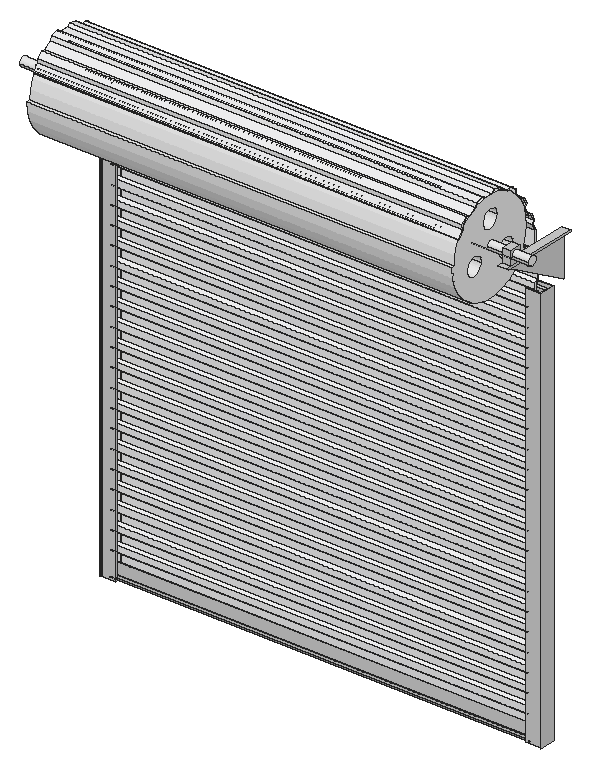
Revit family "Doors_Industrial_Wayne-Dalton_Commercial-Wind-Load-Roll-Up-Door-Model-DS-350_", category Specialty Equipment, host Wall, Revit 2019 (continued)
Definition of nested family "Operator"
  Forms (in)
    Extrusion 7, solid, material <- "Main Color", visible <- "Electrical Operator"
      sketch origin (16.76, 11.5, -15.96) x (1, 0, 0) y (0, 1, 0)
        loop
          line (2.988, -7.1354) -> (2.988, 0) -> (-2.988, 0) -> (-2.988, -7.1354)
          arc (-2.988, -7.1354) -> (-3.02315, -7.22025) -> (-3.108, -7.2554) r 0.12
          line (-3.108, -7.2554) -> (-4.134, -7.2554) -> (-4.134, -7.375)
      from -8.32 to 8.32
    Revolve 8, solid, material <- "Main Color", visible <- "Electrical Operator"
      sketch origin (16.751, 11.5, -26.53) x (1, 0, 0) y (0, 1, 0)
        loop
          line (-6.98665, -5.07517) -> (5.21085, -5.07517) -> (5.21085, -4.23407) -> (4.81085, -4.23407) -> (4.81085, -3.80276) -> (4.58185, -3.80276) -> (4.58185, -1.85) -> (-4.56385, -1.85) -> (-4.56385, -3.20856) -> (-5.4164, -3.20856) -> (-5.51555, -3.30771) -> (-5.51555, -4.77026) -> (-5.73665, -4.77026) -> (-5.73665, -4.10776) -> (-6.98665, -4.10776) -> (-6.98665, -5.07517)
        axis (-6.98665, -5.07517) -> (5.21085, -5.07517)
      angle from 0 to 360
  Lines and regions (in)
    Masking region 1, visible <- "Chain Hoist"
      outline origin (0, 0, 0) x (1, 0, 0) y (0, 1, 0)
        loop
          line (4.25, 4.325) -> (4.25, -4.325) -> (5.75, -4.325) -> (5.75, 4.325) -> (4.25, 4.325)
    Masking region 2, visible <- "Electrical Operator"
      outline origin (16.76, 11.5, -15.96) x (1, 0, 0) y (0, 1, 0)
        loop
          line (-6.99565, -6.04259) -> (-5.74565, -6.04259) -> (-5.74565, -5.38009) -> (-5.52455, -5.38009) -> (-5.52455, -6.84264) -> (-5.4254, -6.94178) -> (-4.57285, -6.94178) -> (-4.57285, -8.30035) -> (-4.134, -8.30035) -> (-4.134, -10.01758) -> (-4.3324, -10.01758) -> (-4.3324, -10.27413)
          arc (-4.3324, -10.27413) -> (-4.24466, -10.51278) -> (-4.02324, -10.63778) r 0.36846
          arc (-4.02324, -10.63778) -> (0, -10.96363) -> (4.02324, -10.63778) r 25
          arc (4.02324, -10.63778) -> (4.24466, -10.51278) -> (4.3324, -10.27413) r 0.36846
          line (4.3324, -10.27413) -> (4.3324, -10.01758) -> (4.116, -10.01758) -> (4.116, -8.30035) -> (4.57285, -8.30035) -> (4.57285, -6.34759) -> (4.80185, -6.34759) -> (4.80185, -5.91628) -> (5.20185, -5.91628) -> (5.20185, -4.23407) -> (4.80185, -4.23407) -> (4.80185, -3.80276) -> (4.57285, -3.80276) -> (4.57285, -1.85) -> (3.108, -1.85) -> (3.108, -0.12) -> (4.988, -0.12) -> (4.988, 0) -> (-4.988, 0) -> (-4.988, -0.12) -> (-3.108, -0.12) -> (-3.108, -1.85) -> (-4.57285, -1.85) -> (-4.57285, -3.20856) -> (-5.4254, -3.20856) -> (-5.52455, -3.30771) -> (-5.52455, -4.77026) -> (-5.74565, -4.77026) -> (-5.74565, -4.10776) -> (-6.99565, -4.10776) -> (-6.99565, -6.04259)
    reference lines
      curve 1: line (16.76, 11.5, 0) -> (16.76, 11.5, 10)
      curve 2: line (16.76, 11.5, -15.96) -> (29.76, 11.5, -15.96)
      curve 3: line (16.751, 11.5, -26.53) -> (27.001, 11.5, -26.53)
    symbolic lines, visible <- "Electrical Operator"
      curve 4: line (11.3346, 8.29144, -15.96) -> (11.3346, 4.55822, -15.96)
      curve 5: line (11.23545, 6.72974, -15.96) -> (11.23545, 6.11991, -15.96)
      curve 6: line (11.01435, 7.39224, -15.96) -> (11.01435, 5.45741, -15.96)
      curve 7: line (11.76, 7, -15.96) -> (11.76, 6, -15.96)
      curve 8: line (11.76, 6, -15.96) -> (13.772, 6, -15.96)
      curve 9: line (13.772, 7, -15.96) -> (11.76, 7, -15.96)
      curve 10: line (13.652, 11.38, -15.96) -> (13.652, 7.88, -15.96)
      curve 11: line (13.652, 7.88, -15.96) -> (13.772, 7.88, -15.96)
      curve 12: line (13.772, 4.3646, -15.96) -> (13.772, 11.5, -15.96)
      curve 13: line (19.748, 11.5, -15.96) -> (19.748, 4.3646, -15.96)
      curve 14: line (19.748, 7.88, -15.96) -> (19.868, 7.88, -15.96)
      curve 15: line (19.868, 7.88, -15.96) -> (19.868, 11.38, -15.96)
      curve 16: line (21.76, 7, -15.96) -> (19.748, 7, -15.96)
      curve 17: line (21.76, 7, -15.96) -> (21.76, 6, -15.96)
      curve 18: line (21.76, 6, -15.96) -> (19.748, 6, -15.96)
      curve 19: line (21.56185, 7.69724, -15.96) -> (21.56185, 7, -15.96)
      curve 20: line (20.876, 4.125, -15.96) -> (12.626, 4.125, -15.96)
      curve 21: line (12.18715, 8.29144, -15.96) -> (12.18715, 7, -15.96)
      curve 22: line (12.18715, 3.19965, -15.96) -> (12.18715, 6, -15.96)
      curve 23: line (12.626, 4.2446, -15.96) -> (12.626, 1.48242, -15.96)
      curve 24: line (20.876, 4.2446, -15.96) -> (20.876, 1.48242, -15.96)
      curve 25: arc (13.772, 4.3646, -15.96) -> (13.73685, 4.27975, -15.96) -> (13.652, 4.2446, -15.96) r 0.12
      curve 26: arc (19.868, 4.2446, -15.96) -> (19.78315, 4.27975, -15.96) -> (19.748, 4.3646, -15.96) r 0.12
      curve 27: line (20.876, 4.2446, -15.96) -> (19.868, 4.2446, -15.96)
      curve 28: line (12.626, 4.2446, -15.96) -> (13.652, 4.2446, -15.96)
      curve 29: line (21.33285, 7.69724, -15.96) -> (21.33285, 7, -15.96)
      curve 30: line (21.33285, 6, -15.96) -> (21.33285, 5.15241, -15.96)
      curve 31: line (21.56185, 6, -15.96) -> (21.56185, 5.15241, -15.96)
  Dimensions and locks (in)
    Extrusion 1 sketch curve to Extrusion 1 sketch curve = 8.65"
    plane 3 "Center (Left/Right)" to plane 4 = 3 1/4"
    "Floor To CL": level to plane 6
    locked: plane 7 to plane 6 at 30
    "Chain Offset": level to Sweep 2 sketch curve  (x2)
    "Shaft to Wall Offset": plane 1 "Center (Front/Back)" to plane 8
    locked: curve 1 to curve 1 at 10
    locked: curve 2 to curve 2 at 13
    "Motor V": level to curve 2
    "C H Offset": plane 1 "Center (Front/Back)" to Extrusion 6 sketch curve
    "C V Offset": level to Extrusion 6 sketch curve
    "Motor H": curve 1 to plane 3 "Center (Left/Right)"
    aligned and locked: plane 2 to level
    aligned and locked: Extrusion 1 to plane 5 "1"
    aligned and locked: plane 7 to Sweep 2 sketch curve  (x2)
    aligned and locked: Masking region 1 sketch curve to Extrusion 1  (x4)
    aligned and locked: level to curve 1
    aligned and locked: Extrusion 6 to plane 3 "Center (Left/Right)"
    aligned and locked: Extrusion 3 sketch curve to Extrusion 3 sketch curve  (x3)
    aligned and locked: Extrusion 7 sketch curve to Extrusion 7 sketch curve
    aligned and locked: Extrusion 4 sketch curve to Extrusion 4 sketch curve
  Automatic sketch dimensions
    plane 1 "Center (Front/Back)" to Extrusion 1 sketch curve = 4.325"
    plane 1 "Center (Front/Back)" to Extrusion 1 sketch curve = 1 1/2"
    Extrusion 1 sketch curve to plane 1 "Center (Front/Back)" = 1 1/2"
    Extrusion 1 sketch curve to level = 10.72"
    Extrusion 1 sketch curve to Extrusion 1 sketch curve = 1.50208"  (x2)
    level to Extrusion 1 sketch curve = 1.68"
    curve 1 to Extrusion 5 sketch curve = 5"
    Extrusion 5 sketch curve to curve 1 = 15.96"
    curve 2 to Extrusion 3 sketch curve = 0.12"
    Extrusion 3 sketch curve to curve 2 = 17.988"
    Extrusion 3 sketch curve to curve 2 = 16.108"
    Extrusion 3 sketch curve to Extrusion 3 sketch curve = 0.12"  (x2)
    Extrusion 3 sketch curve to Extrusion 3 sketch curve = 5.976"
    Extrusion 3 sketch curve to Extrusion 3 sketch curve = 1.88"
    Extrusion 3 sketch curve to curve 2 = 3.62"
    curve 2 to Extrusion 3 sketch curve = 0"
    Extrusion 7 sketch curve to curve 2 = 17.134"
    curve 2 to Extrusion 7 sketch curve = 7 3/8"
    Extrusion 7 sketch curve to Extrusion 7 sketch curve = 1.026"
    curve 2 to Extrusion 7 sketch curve = 0"
    Extrusion 7 sketch curve to Extrusion 7 sketch curve = 0.12"  (x2)
    Extrusion 7 sketch curve to Extrusion 7 sketch curve = 5.976"
    Extrusion 7 sketch curve to Extrusion 7 sketch curve = 1.008"
    Extrusion 7 sketch curve to Extrusion 7 sketch curve = 0.1196"
    Extrusion 4 sketch curve to curve 2 = 17.3324"
    Extrusion 4 sketch curve to Extrusion 4 sketch curve = 0.1984"
    Extrusion 4 sketch curve to Extrusion 4 sketch curve = 0.17006"
    Extrusion 4 sketch curve to curve 2 = 13"
    Extrusion 4 sketch curve to Extrusion 4 sketch curve = 0.15206"
    Extrusion 4 sketch curve to Extrusion 4 sketch curve = 0.2164"
    curve 2 to Extrusion 4 sketch curve = 10.27413"
    Extrusion 4 sketch curve to Extrusion 4 sketch curve = 0"  (x2)
    Extrusion 4 sketch curve to Extrusion 4 sketch curve = 0.25654"
    Extrusion 4 sketch curve to curve 2 = 14.03637"
    Extrusion 4 sketch curve to Extrusion 4 sketch curve = 7.92789"
    Extrusion 4 sketch curve to Extrusion 4 sketch curve = 2.64258"
    curve 3 to curve 2 = 0.009"
    curve 2 to curve 3 = 10.57"
    curve 3 to curve 2 = 2.759"
    Revolve 8 sketch curve to curve 3 = 6.98665"
    Revolve 8 sketch curve to Revolve 8 sketch curve = 1 1/4"
    Revolve 8 sketch curve to Revolve 8 sketch curve = 0.2211"
    Revolve 8 sketch curve to Revolve 8 sketch curve = 0.09915"  (x2)
    Revolve 8 sketch curve to Revolve 8 sketch curve = 0.85255"
    curve 3 to Revolve 8 sketch curve = 1.85"
    curve 3 to Revolve 8 sketch curve = 4.58185"
    Revolve 8 sketch curve to Revolve 8 sketch curve = 0.229"
    Revolve 8 sketch curve to Revolve 8 sketch curve = 0.4"
    Revolve 8 sketch curve to Revolve 8 sketch curve = 1.35856"
    Revolve 8 sketch curve to Revolve 8 sketch curve = 1.95276"
    Revolve 8 sketch curve to Revolve 8 sketch curve = 0.80005"
    Revolve 8 sketch curve to Revolve 8 sketch curve = 0.43131"
    Revolve 8 sketch curve to Revolve 8 sketch curve = 0.6625"
    Revolve 8 sketch curve to Revolve 8 sketch curve = 0.96741"
    Revolve 8 sketch curve to Revolve 8 sketch curve = 3.25435"
    curve 3 to Revolve 8 sketch curve = 4.55715"
    Revolve 8 sketch curve to curve 3 = 5.07517"
    Masking region 2 sketch curve to curve 2 = 0"  (x2)
    curve 2 to Masking region 2 sketch curve = 14.03637"
    Masking region 2 sketch curve to curve 2 = 3.108"
    Masking region 2 sketch curve to Masking region 2 sketch curve = 0.17006"
    Masking region 2 sketch curve to Masking region 2 sketch curve = 0.1984"
    Masking region 2 sketch curve to Masking region 2 sketch curve = 1 119/256"  (x2)
    Masking region 2 sketch curve to Masking region 2 sketch curve = 0.43885"
    Masking region 2 sketch curve to Masking region 2 sketch curve = 1.88"  (x2)
    Masking region 2 sketch curve to Masking region 2 sketch curve = 0.85255"  (x2)
    Masking region 2 sketch curve to Masking region 2 sketch curve = 0.09915"  (x4)
    Masking region 2 sketch curve to Masking region 2 sketch curve = 0.2211"  (x2)
    Masking region 2 sketch curve to Masking region 2 sketch curve = 1 1/4"  (x2)
    curve 2 to Masking region 2 sketch curve = 0.12"  (x2)
    curve 2 to Masking region 2 sketch curve = 3.108"
    curve 2 to Masking region 2 sketch curve = 3.96394"
    Masking region 2 sketch curve to Masking region 2 sketch curve = 0.15206"
    Masking region 2 sketch curve to Masking region 2 sketch curve = 0.2164"
    Masking region 2 sketch curve to Masking region 2 sketch curve = 0.45685"
    Masking region 2 sketch curve to Masking region 2 sketch curve = 0.229"  (x2)
    Masking region 2 sketch curve to Masking region 2 sketch curve = 0.4"
    Masking region 2 sketch curve to Masking region 2 sketch curve = 1.73"  (x2)
    Masking region 2 sketch curve to Masking region 2 sketch curve = 1.35856"  (x2)
    Masking region 2 sketch curve to Masking region 2 sketch curve = 1.95276"  (x2)
    Masking region 2 sketch curve to Masking region 2 sketch curve = 0.80005"
    Masking region 2 sketch curve to Masking region 2 sketch curve = 0.43131"  (x2)
    Masking region 2 sketch curve to Masking region 2 sketch curve = 0.6625"  (x2)
    Masking region 2 sketch curve to Masking region 2 sketch curve = 0.60983"
    Masking region 2 sketch curve to Masking region 2 sketch curve = 1.68221"
    Masking region 2 sketch curve to Masking region 2 sketch curve = 1.46255"
    Masking region 2 sketch curve to Masking region 2 sketch curve = 1.71724"  (x2)
    Masking region 2 sketch curve to Masking region 2 sketch curve = 0.25654"  (x2)
    Masking region 2 sketch curve to Masking region 2 sketch curve = 0"
    profile plane to Sweep 2 sketch curve = 0"
    plane 5 "1" to Sweep 2 sketch curve = 3/4"
    curve 12 to curve 2 = 0"
    curve 2 to curve 13 = 0"
    curve 7 to curve 2 = 5"
    curve 7 to curve 23 = 0.866"
    curve 7 to curve 10 = 1.892"
    curve 23 to curve 25 = 1.026"
    curve 25 to curve 12 = 0.12"
    curve 2 to curve 13 = 2.988"
    curve 14 to curve 14 = 0.12"
    curve 26 to curve 27 = 0.12"
    curve 26 to curve 24 = 1.008"
    curve 24 to curve 17 = 0.884"
    curve 14 to curve 2 = 3.62"
    curve 11 to curve 2 = 3.62"
    curve 7 to curve 10 = 0.88"
    curve 16 to curve 14 = 0.88"
    curve 18 to curve 16 = 1"
    curve 8 to curve 7 = 1"
    curve 13 to curve 18 = 1.6354"
    curve 12 to curve 8 = 1.6354"
    curve 4 to curve 7 = 0.4254"
    curve 5 to curve 7 = 0.52455"
    curve 6 to curve 5 = 0.2211"
    curve 22 to curve 20 = 0.43885"
    curve 4 to curve 21 = 0.85255"
    curve 29 to curve 16 = 0.42715"
    curve 30 to curve 17 = 0.42715"
    curve 19 to curve 16 = 0.19815"
    curve 30 to curve 31 = 0.229"
    curve 2 to curve 10 = 0.12"
    curve 2 to curve 15 = 0.12"
    curve 21 to curve 21 = 1.29144"
    curve 4 to curve 21 = 0"
    curve 19 to curve 19 = 0.69724"
    curve 29 to curve 19 = 0"
    curve 7 to curve 6 = 0.39224"
    curve 5 to curve 7 = 0.27026"
    curve 7 to curve 5 = 0.11991"
    curve 6 to curve 5 = 0.6625"
    curve 30 to curve 30 = 0.84759"
    curve 30 to curve 31 = 0"
    curve 4 to curve 6 = 0.89919"
    curve 20 to curve 24 = 0.1196"
    curve 22 to curve 20 = 0.92535"
    curve 23 to curve 22 = 1.71724"
    curve 24 to curve 20 = 2.64258"
    Sweep 2 sketch curve to plane 1 "Center (Front/Back)" = 0"
    Sweep 2 sketch curve to Sweep 2 sketch curve = 2.9125"
    curve 2 to curve 1 = 0"
    radius of Extrusion 5 sketch curve = 1/2"
    radius of Sweep 2 sketch curve = 0.3"
    radius of Extrusion 6 sketch curve = 1"
Types (5): name | Voltage | Manual | Frequency | Electrical Operator | Current | Chain Hoist | Apparent Load Phase 1 | A
  ‏​Manual push-up | 0 V | yes | 0 Hz | no | 0 A | no | 0 VA | 6"
  115 volts, one phase, 60 Hz (110-120V range) | 115 V | no | 60 Hz | yes | 20 A | no | 2300 VA | 9"
  208 volts, one phase, 60 Hz (190-207V range) | 208 V | no | 60 Hz | yes | 20 A | no | 4160 VA | 9"
  230 volts, one phase, 60 Hz (208-245V range) | 230 V | no | 60 Hz | yes | 20 A | no | 4600 VA | 9"
  Chain Hoist | 0 V | no | 0 Hz | no | 0 A | yes | 0 VA | 8"
